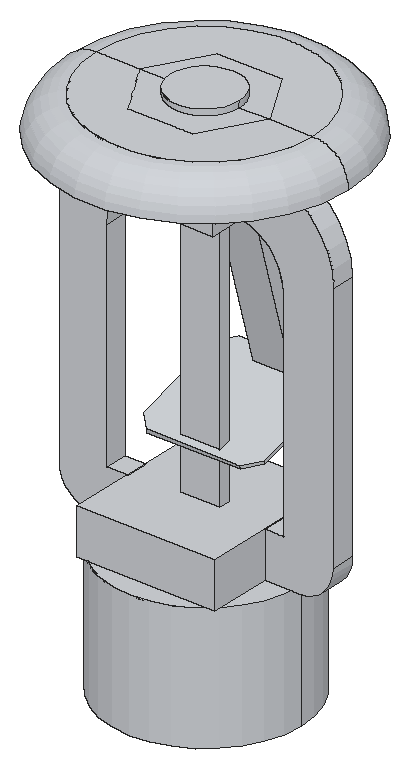
Revit family
Parameters (values of type "RASCO GFR UPRIGHT")
  Temperature Rating = 165 °F
  Response = 1
  RASCO SIN # = "R3127"
  RASCO Part # = "GFRULB"
  Pressure Rating = "175 PSI"
  Pressure Class = (empty or 0)
  Orifice Size = 17/32"
  Orifice = (empty or 0)
  Model = "GFR"
  Manufacturer = "RASCO"
  K-Factor = 8
  Description = "Brz. Finish"
  Coverage = (empty or 0)
Reference planes (in)
  plane 1 "Center (Front/Back)": y = 0
  plane 2: z = 0
  plane 3 "Center (Left/Right)": x = 0
Dimensions and locks (in)
  aligned and locked: plane 2 to level
Nested families (in)
  nested 1: "GFRULB" at (0, 0, 0), type "RASCO GFR UPRIGHT"
Connectors (in)
  piping at (0, 0, 0)
    settings: on nested 1, index 1, connector radius 1/2", flow factor 0, pipe flow 0 GPM, pressure drop 0.00 psi, fitting loss kfactor 0, connector angle 0.00°, fixture units 0, flow configuration 0, flow direction 0, fitting loss method 0, system type 7, connector reference index -1, connector utility 0, adjustable connector no, is connector primary yes, fitting loss table "", connector description ""
Definition of nested family "GFRULB"
  Parameters (values of type "RASCO GFR UPRIGHT")
    Type Comments = ""
    Temperature Rating = 0 °F
    Response = (empty or 0)
    Pressure Rating = "0"
    Pressure Class = (empty or 0)
    Orifice Size = 0"
    Orifice = (empty or 0)
    Model = ""
    Manufacturer = ""
    K-Factor = 0
    Description = ""
    Coverage = (empty or 0)
    Assembly Code = ""
  Reference planes (in)
    plane 1 "Center (Front/Back)": y = 0
    plane 2: z = 0
    plane 3 "ref.2": z = 0.6875
    plane 4 "ref.3": z = 0.9375
    plane 5: x = -0.38065
    plane 6: x = 0.36935
    plane 7 "ref. side 1": y = 0.06402
    plane 8 "ref. side 2": y = -0.06098
    plane 9 "ref.4": z = 1.875
    plane 10 "ref.5": z = 2.937
    plane 11 "center": x = -0.00574
    plane 12 "clip": through (0, 0.52703, 1.36085) normal (0, 0.2756, -0.9613)
  Forms (in)
    Extrusion 1, solid
      sketch origin (0, 0, 0) x (1, 0, 0) y (0, 1, 0)
        loop
          circle (0, 0) r 0.5221
      from 0 to 0.6875
    Extrusion 2, solid
      sketch origin (-0.12185, 0.05177, 0.6875) x (1, 0, 0) y (0, 1, 0)
        loop
          line (-0.2588, 0.356) -> (-0.2588, -0.4565) -> (0.4912, -0.4565) -> (0.4912, 0.356) -> (-0.2588, 0.356)
      from 0 to 0.25
    Extrusion 3, solid
      sketch origin (0, 0, 0) x (1, 0, 0) y (0, 0, 1)
        loop
          line (-0.49248, 0.9375) -> (-0.49248, 2.12511)
          arc (-0.49248, 2.12511) -> (-0.40724, 2.3309) -> (-0.20145, 2.41614) r 0.29103
          line (-0.20145, 2.41614) -> (0.18108, 2.41614)
          arc (0.18108, 2.41614) -> (0.38905, 2.33) -> (0.47519, 2.12203) r 0.29411
          line (0.47519, 2.12203) -> (0.47519, 0.9375) -> (0.36935, 0.9375) -> (0.36935, 0.6875) -> (0.55741, 0.6875)
          arc (0.55741, 0.6875) -> (0.69165, 0.7431) -> (0.74725, 0.87734) r 0.18984
          line (0.74725, 0.87734) -> (0.74725, 2.24517)
          arc (0.74725, 2.24517) -> (0.61669, 2.56036) -> (0.3015, 2.69091) r 0.44574
          line (0.3015, 2.69091) -> (-0.30719, 2.69091)
          arc (-0.30719, 2.69091) -> (-0.62225, 2.56041) -> (-0.75275, 2.24535) r 0.44556
          line (-0.75275, 2.24535) -> (-0.75275, 0.87876)
          arc (-0.75275, 0.87876) -> (-0.69673, 0.74352) -> (-0.56149, 0.6875) r 0.19126
          line (-0.56149, 0.6875) -> (-0.38065, 0.6875) -> (-0.38065, 0.9375) -> (-0.49248, 0.9375)
      from -0.06402 to 0.06098
    Extrusion 4, solid
      sketch origin (-0.00199, 0, 2.4375) x (-1, 0, 0) y (0, -1, 0)
        loop
          circle (0.00574, -0.00152) r 0.1875
      from -0.04371 to 0.4995
    Revolve 5, solid
      sketch origin (-0.0011, 0, 0.3803) x (1, 0, 0) y (0, 0, 1)
        loop
          line (-0.19255, 2.33367) -> (-0.19255, 2.52696) -> (-0.35809, 2.52696) -> (-0.59714, 2.52696)
          arc (-0.59714, 2.52696) -> (-0.73508, 2.47056) -> (-0.79397, 2.33367) r 0.19686
          line (-0.79397, 2.33367) -> (-0.19255, 2.33367)
        axis (-0.00574, 2.33367) -> (-0.00574, 2.52696)
      angle from 0 to 360
    Extrusion 6, solid
      sketch origin (0, 0, 0.9375) x (-1, 0, 0) y (0, -1, 0)
        loop
          line (-0.10175, -0.02852) -> (0.11324, -0.02852) -> (0.11324, 0.03101) -> (-0.10175, 0.03101) -> (-0.10175, -0.02852)
      from 0 to 1.45629
    Extrusion 7, solid
      sketch origin (-0.00574, 0, 0) x (0, 0, -1) y (0, -1, 0)
        loop
          line (-2.34418, 0.08154) -> (-2.34418, -0.18975)
          arc (-2.34418, -0.18975) -> (-2.3294, -0.23392) -> (-2.29102, -0.2603) r 0.07339
          line (-2.29102, -0.2603) -> (-1.29471, -0.54599) -> (-1.27823, -0.48852) -> (-2.23088, -0.21535)
          arc (-2.23088, -0.21535) -> (-2.26901, -0.18915) -> (-2.28369, -0.14527) r 0.07291
          line (-2.28369, -0.14527) -> (-2.28369, 0.08154) -> (-2.34418, 0.08154)
      from -0.1075 to 0.1075
    Extrusion 8, solid
      sketch origin (0, -0.32053, 1.11781) x (0, 0.961262, 0.275637) y (1, 0, 0)
        loop
          line (0.84059, -0.34079) -> (0.916, -0.26539) -> (0.916, 0.24563) -> (0.84145, 0.32018) -> (0.33718, 0.32018) -> (0.26218, 0.24518) -> (0.26218, -0.26617) -> (0.3368, -0.34079) -> (0.84059, -0.34079)
      from -0.01906 to 0
  Cuts and joins
    joined: Extrusion 1, Extrusion 2, Revolve 5
  Dimensions and locks (in)
    Revolve 5 sketch curve to Revolve 5 sketch curve = 0.78823"
    plane 10 "ref.5" to level = 2.937"
